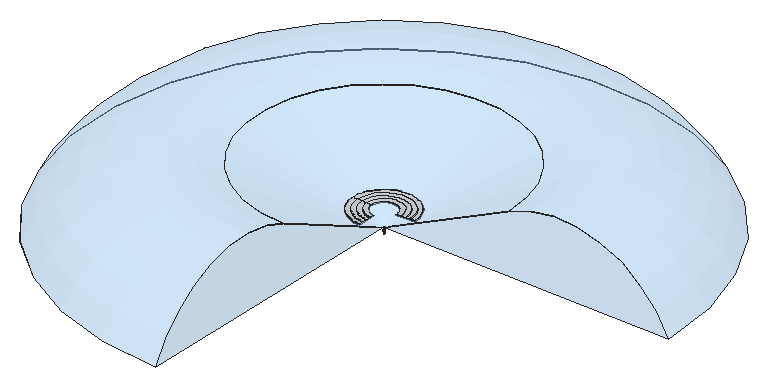
Revit family "HUNTER_I-25-04-SS", category Sprinklers, Revit 2017
Family settings
  Maintain Annotation Orientation = No
  Round Connector Dimension = Use Diameter
  Part Type = Normal
  OmniClass Number = 23.11.27.15.11.11
  OmniClass Title = Installed Sprinkler Heads
  Work Plane-Based = No
  Always vertical = Yes
  Cut with Voids When Loaded = No
  Shared = Yes
  Room Calculation Point = No
Parameters (values of type "I-25-04-SS-High speed 15 Grey-5.0bar-16.20m")
  Water Pattern = Water Arc : Water Arc
  Water = Water
  Valid Trajectory Arc [instance] = if(Trajectory Arc < Arc Min, Arc Min, if(Trajectory Arc > Arc Max, Arc Max, Trajectory Arc))  # 270.00°
  URL = "https://www.hunterindustries.com/irrigation-product/rotors/i-25"
  Type Image = <None>
  Type Comments = "Rotor I-25-04 with Plastic Riser"
  Trajectory Ref [instance] = (if(Trajectory Arc < Arc Min, Arc Min, if(Trajectory Arc > Arc Max, Arc Max, Trajectory Arc))) / 1.00°  # 270
  Trajectory Radius = 16200.000 mm
  Trajectory Angle = 25.00°  # constant formula
  Symbol = I-25-04 Symbol : I-25-04 Symbol
  Show Water Spray = yes
  Show 2D Symbol = yes
  Pressure = 500.0 kPa
  Precipitation Rate = "27 mm/hr"
  Pop Up Material = Hunter® Stainless Steel
  Pop Up Height = 100.000 mm  # constant formula
  Nozzle Tag = "I-25-04-SS-High Speed 15 Grey"
  Model = "I-25-04-SS-High Speed 15 Grey"
  Keynote = "328423.02"
  Inlet Size = "1\" BSP"
  Connection_Dia = 30.000 mm  # constant formula
  Nozzle Size = "Hunter® (15 Grey) High Speed Nozzle"
  Exposed Diameter = 50.000 mm  # constant formula
  Body Material = Hunter® ABS Plastic
  Manufacturer = "Hunter® Industries"
  Product Flow [instance] = 58.8 L/min
  Diameter = 609.6 mm
  Description = "Hunter I-25-04 Rotor Body with Preinstalled Check in Valve, stainless steel riser and (15 Grey) High Speed Nozzle"
  Body Height = 200.000 mm  # constant formula
  Assembly Code = "G2050700"
  Trajectory Arc [instance] = 270.00°
  Arc Min = 50.00°  # constant formula
  Arc Max = 360.00°  # constant formula
Types (10, lengths in mm): name | Valid Trajectory Arc | Trajectory Ref | Trajectory Radius | Pressure | Precipitation Rate | Nozzle Tag | Model | Nozzle Size | Product Flow | Description | Trajectory Arc
  I-25-04-SS-Standard 7 Orange-5.0bar-14.90m | 360.00° | 360 | 14900.000 | 500.0 kPa | "16 mm/hr" | "I-25-04-SS-7 Orange" | "I-25-04-SS- Standard 7 Orange" | "Hunter® (7 Orange) Standard Nozzle" | 30.1 L/min | "Hunter I-25-04 Rotor Body with Preinstalled Check in Valve, stainless steel riser and (7 Orange) Standard Nozzle" | 360.00°
  I-25-04-SS-Standard 10 Lt.Green-5.0bar-16.20m | 360.00° | 360 | 16200.000 | 500.0 kPa | "21 mm/hr" | "I-25-04-SS-10 Lt. Green" | "I-25-04-SS- Standard 10 Lt. Green" | "Hunter® (10 Lt. Green) Standard Nozzle" | 46.3 L/min | "Hunter I-25-04 Rotor Body with Preinstalled Check in Valve, stainless steel riser and (10 Lt. Green) Standard Nozzle" | 360.00°
  I-25-04-SS-Standard 15 Grey-5.0bar-17.40m | 360.00° | 360 | 17400.000 | 500.0 kPa | "23 mm/hr" | "I-25-04-SS-15 Grey" | "I-25-04-SS- Standard 15 Grey" | "Hunter® (15 Grey) Standard Nozzle" | 58.8 L/min | "Hunter I-25-04 Rotor Body with Preinstalled Check in Valve, stainless steel riser and (15 Grey) Standard Nozzle" | 360.00°
  I-25-04-SS-Standard 20 Dk. Brown-5.50bar-19.50m | 360.00° | 360 | 19500.000 | 550.0 kPa | "25 mm/hr" | "I-25-04-SS-20 Dk. Brown" | "I-25-04-SS- Standard 20 Dk. Brown" | "Hunter® (20 Dk. Brown) Standard Nozzle" | 77.7 L/min | "Hunter I-25-04 Rotor Body with Preinstalled Check in Valve, stainless steel riser and (20 Dk. Brown) Standard Nozzle" | 360.00°
  I-25-04-SS-Standard 25 Dk. Blue-6.0bar-21.00m | 360.00° | 360 | 21000.000 | 600.0 kPa | "30 mm/hr" | "I-25-04-SS-25 Dk. Blue" | "I-25-04-SS- Standard 25 Dk. Blue" | "Hunter® (25 Dk. Blue) Standard Nozzle" | 110.0 L/min | "Hunter I-25-04 Rotor Body with Preinstalled Check in Valve, stainless steel riser and (25 Dk. Blue) Standard Nozzle" | 360.00°
  I-25-04-SS-High speed 7 Orange-5.0bar-13.40m | 270.00° | 270 | 13400.000 | 500.0 kPa | "21 mm/hr" | "I-25-04-SS-High Speed 7 Orange" | "I-25-04-SS-High Speed 7 Orange" | "Hunter® (7 Orange) High Speed Nozzle" | 31.1 L/min | "Hunter I-25-04 Rotor Body with Preinstalled Check in Valve, stainless steel riser and (7 Orange) High Speed Nozzle" | 270.00°
  I-25-04-SS-High speed 10 Lt.Green-5.0bar-14.90m | 270.00° | 270 | 14900.000 | 500.0 kPa | "25 mm/hr" | "I-25-04-SS-High Speed 10 Lt. Green" | "I-25-04-SS-High Speed 10 Lt. Green" | "Hunter® (10 Lt. Green) High Speed Nozzle" | 46.3 L/min | "Hunter I-25-04 Rotor Body with Preinstalled Check in Valve, stainless steel riser and (10 Lt. Green) High Speed Nozzle" | 270.00°
  I-25-04-SS-High speed 15 Grey-5.0bar-16.20m | 270.00° | 270 | 16200.000 | 500.0 kPa | "27 mm/hr" | "I-25-04-SS-High Speed 15 Grey" | "I-25-04-SS-High Speed 15 Grey" | "Hunter® (15 Grey) High Speed Nozzle" | 58.8 L/min | "Hunter I-25-04 Rotor Body with Preinstalled Check in Valve, stainless steel riser and (15 Grey) High Speed Nozzle" | 270.00°
  I-25-04-SS-High speed 20 Dk. Brown-5.50bar-17.70m | 270.00° | 270 | 17700.000 | 550.0 kPa | "30 mm/hr" | "I-25-04-SS-High Speed 20 Dk. Brown" | "I-25-04-SS-High Speed 20 Dk. Brown" | "Hunter® (20 Dk. Brown) High Speed Nozzle" | 77.7 L/min | "Hunter I-25-04 Rotor Body with Preinstalled Check in Valve, stainless steel riser and (20 Dk. Brown) High Speed Nozzle" | 270.00°
  I-25-04-SS-High speed 25 Dk. Blue-6.0bar-19.80m | 270.00° | 270 | 19800.000 | 600.0 kPa | "34 mm/hr" | "I-25-04-SS-High Speed 25 Dk. Blue" | "I-25-04-SS-High Speed 25 Dk. Blue" | "Hunter® (25 Dk. Blue) High Speed Nozzle" | 110.0 L/min | "Hunter I-25-04 Rotor Body with Preinstalled Check in Valve, stainless steel riser and (25 Dk. Blue) High Speed Nozzle" | 270.00°
Reference planes
  plane 1 "Center (Front/Back)": y = 0
  plane 2: z = 0
  plane 3 "Center (Left/Right)": x = 0
Lines and regions (mm)
  model lines
    curve 1: circle (0, 0, 0) r 25 normal (0, 0, 1)
    curve 2: line (25, 0, 0) -> (-25, 0, 0)
    curve 3: line (0, 25, 0) -> (0, -25, 0)
Dimensions and locks
  aligned and locked: level to plane 2
Nested families
  nested 1: "Water Arc" at (0, 0, 90), type <- "Water Pattern", visible <- "Show Water Spray", type "Water Arc"
    with r1 6846.416 mm, Trajectory Arc 270.00°, Radius 16200.000 mm
  nested 2: "I-25-04-SS" at (0, 0, 0), type "I-25-04-SS"
  nested 3: "I-25-04 Symbol" at (0, 0, 1000), Trajectory Arc <- "Valid Trajectory Arc", type <- "Symbol", visible <- "Show 2D Symbol", type "I-25-04 Symbol"
    with Trajectory Ref 270, Trajectory Arc 270.00°, Ann Trajectory 270.00°
Connectors
  piping at (0, 0, -190.562), diameter 32, driven by "Product Flow"
    settings: on nested 2, index 2, connector inside diameter 609.6 mm, connector length 0.000 mm, flow factor 0, pipe flow 58.8 L/min, pressure drop 0.0 kPa, fitting loss kfactor 0, connector angle 0.00°, fixture units 0, engagement length 0.000 mm, angle of deflection 0.00°, flow configuration 0, flow direction 1, fitting loss method 2, system type 29, joint type 0, gender type 0, connector reference index -1, connector utility 0, adjustable connector no, is connector primary yes, connector description ""
Definition of nested family "Water Arc"
  Parameters (values of type "Water Arc")
    r1 = Radius * sin(Arc_Angle)  # 1901.782 mm
    Trajectory Arc = 180.00°
    Radius = 4500.000 mm
    Material = none
    Arc_Angle = 25.00°
  Reference planes
    plane 1 "Center (Front/Back)": y = 0
    plane 2: z = 0
    plane 3 "Center (Left/Right)": x = 0
  Forms (mm)
    Revolve 1, solid, material <- "Material"
      sketch origin (0, 0, 100) x (1, 0, 0) y (0, 0, 1)
        loop
          line (0, -100) -> (4500, -100)
          arc (4500, -100) -> (3426.848, 883.363) -> (1972.672, 819.872) r 1901.782
          line (1972.672, 819.872) -> (0, -100)
        axis (0, -100) -> (0, 819.872)
      angle from 0 to 180 <- "Trajectory Arc"
  Dimensions and locks
    "Radius": Revolve 1 sketch curve to plane 3 "Center (Left/Right)"
    "r1": radius of Revolve 1 sketch curve
    "Arc_Angle": angle Revolve 1 sketch curve to Revolve 1 sketch curve
    aligned and locked: level to plane 2
    aligned and locked: plane 3 "Center (Left/Right)" to Revolve 1 sketch curve
    aligned and locked: Revolve 1 sketch curve to level
  Automatic sketch dimensions
    Revolve 1 sketch curve to plane 3 "Center (Left/Right)" = 0.000 mm
    Revolve 1 sketch curve to Revolve 1 sketch curve = 191.442 mm
    Revolve 1 sketch curve to Revolve 1 sketch curve = 1280.000 mm
Definition of nested family "I-25-04-SS"
  Parameters (values of type "I-25-04-SS")
    R_Pipe_Connection = 15.671 mm
    Pop_Up = 100.000 mm
    ON = yes
    Material = none
    Dia = 25.315 mm
    Body_Height = 190.000 mm
  Reference planes
    plane 1 "Center (Front/Back)": y = 0
    plane 2: z = 0
    plane 3 "Center (Left/Right)": x = 0
  Forms (mm)
    Revolve 1, solid
      sketch origin (0, 0, 0) x (1, 0, 0) y (0, 0, 1)
        loop
          line (0, 6.425) -> (0, -190.562) -> (16, -190.562) -> (16, -192.562) -> (24.619, -192.562)
          arc (24.619, -192.562) -> (25.444, -192.316) -> (25.999, -191.659) r 1.506
          line (25.999, -191.659) -> (29.854, -182.838) -> (29.854, -83.62) -> (36.138, -54.874) -> (36.138, -35.586) -> (35.491, -18.744)
          arc (35.491, -18.744) -> (34.705, -15.935) -> (32.733, -13.786) r 6.274
          line (32.733, -13.786) -> (27.279, -8.332) -> (26.279, -8.332) -> (26.279, -5.86) -> (23.214, 0) -> (23.214, 4.166)
          arc (23.214, 4.166) -> (22.552, 5.763) -> (20.955, 6.425) r 2.259
          line (20.955, 6.425) -> (0, 6.425)
        axis (0, 6.425) -> (0, -192.562)
      angle from 0 to 360
    Extrusion 2, solid, visible <- "ON"
      sketch origin (0, 0, 0) x (1, 0, 0) y (0, 1, 0)
        loop
          circle (0, 0) r 20
      from 0 to 100
    Revolve 3, solid, material <- "Material", visible <- "ON"
      sketch origin (0, 0, 0) x (1, 0, 0) y (0, 0, 1)
        loop
          arc (23.214, 104.166) -> (22.552, 105.763) -> (20.955, 106.425) r 2.259
          line (20.955, 106.425) -> (0, 106.425) -> (0, 100) -> (23.214, 100) -> (23.214, 104.166)
        axis (0, 106.425) -> (0, 100)
      angle from 0 to 360
  Dimensions and locks
    aligned and locked: level to plane 2
    aligned and locked: Revolve 3 to Extrusion 2
Definition of nested family "I-25-04 Symbol"
  Parameters (values of type "I-25-04 Symbol")
    Trajectory Ref [instance] = Trajectory Arc / 1.00°  # 50
    Trajectory Arc [instance] = 50.00°
    Nozzle Tag = M_Label Annotation : M_Label Annotation
    Ann Trajectory [instance] = Trajectory Arc  # 50.00°
  Reference planes
    plane 1 "Center (Front/Back)": y = 0
    plane 2: z = 0
    plane 3 "Center (Left/Right)": x = 0
  Forms (mm)
    Extrusion 1, solid
      sketch origin (0, 0, 0) x (1, 0, 0) y (0, 1, 0)
        loop
          circle (0, 0) r 1750
        loop
          circle (0, 0) r 700
      from 0 to 50
    Revolve 2, void
      sketch origin (0, 0, 0) x (1, 0, 0) y (0, 0, 1)
        loop
          line (700, 90) -> (700, 20) -> (960, 50) -> (960, 20) -> (1220, 50) -> (1220, 20) -> (1480, 50) -> (1480, 20) -> (1750, 51.154) -> (1750, 90) -> (700, 90)
        axis (0, 90) -> (0, 20)
      angle from 360 to 0
    Revolve 3, void
      sketch origin (0, 0, 0) x (1, 0, 0) y (0, 0, 1)
        loop
          line (0, 149.939) -> (0, -50.061) -> (1810, -50.061) -> (1810, 149.939) -> (0, 149.939)
        axis (0, 149.939) -> (0, -50.061)
      angle from 359 to 50 <- "Trajectory Arc"
  Cuts and joins
    Revolve 2, Revolve 3 cuts Extrusion 1
  Dimensions and locks
    aligned and locked: plane 2 to level
